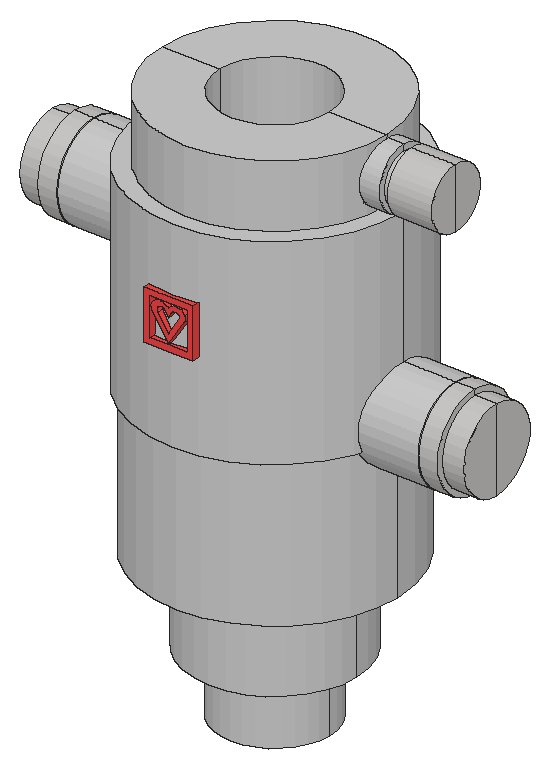
Revit family "HERZ System Seperator 0302", category Rohrzubehör, Revit 2019
Family settings
  Bemaßung runder Anschluss = Durchmesser verwenden
  Teiletyp = Unterbricht
  OmniClass-Nummer = 23.65.55.14
  OmniClass-Titel = Valves for Liquid Services
  Arbeitsebenenbasiert = Nein
  Immer vertikal = Ja
  Beim Laden mit Abzugskörper schneiden = Nein
  Gemeinsam genutzt = Nein
Parameters (values of type "DN15 (3/4"-3/4")")
  Model = "The system separator of type BA has been developed according to the standard DIN EN 1717.\r\nAccording to this standard, the water quality is divided up into 5 classes depending on the degree of contamination.\r\nSystem separators of type BA provide protection against non-drinking water up to hazard class 4.\r\nThis is the highest hazard class that may be safeguarded with a valve.\r\nSystem separator complete with safety screw to prevent manipulation, screen against contaminant ingress.\r\nThis filter disc must be inserted correctly in the fitting, so that it is possible to guarantee the function.\r\nSet the seal on top.\r\nThe installation of a dirt trap upstream of the system separator helps to guarantee constant and faultless function.\r\nIt is only possible to fit the system separator vertically.\r\nThe Herz system separator is frost-proof."
  Max. permissible temperature (short-term) = 80 °C  # constant formula
  Max. operating temperature = 65 °C  # constant formula
  Max. operating pressure = 1000000.0 Pa  # constant formula
  URL = "www.herzvalves.com"
  System separator cartridge = "high quality, lime-repellent plastic."  # constant formula
  SCTWSEQ = "AW;SBT_TYP_AW=\"104\";2"
  SCTWCODE = "04;12;02"  # constant formula
  S03 = 29.00 mm  # constant formula
  S02 = 53.00 mm  # constant formula
  S01 = 13.00 mm  # constant formula
  NennweiteEin [instance] = if([20_20], 20.00 mm, if([25_20], 25.00 mm, if([25_25], 25.00 mm, 0.00 mm)))  # 20.00 mm
  NennweiteAus [instance] = if([20_20], 20.00 mm, if([25_20], 20.00 mm, if([25_25], 25.00 mm, 0.00 mm)))  # 20.00 mm
  Medium = "water (without steam)"  # constant formula
  LO01 = 70.00 mm  # constant formula
  Installation position = "vertical"  # constant formula
  IG (ein) [instance] = NennweiteEin / 2  # 10.00 mm
  Note = "Pursuant to Article 33 of the REACH Regulation (EC No. 1907/2006), we are obliged to point out that the material lead is listed on the SVHC list and that all brass components manufactured in our products exceed 0.1% (w / w) lead (CAS: 7439-92-1 / EINECS: 231-100-4).\r\nSince lead is a component part of an alloy, actual exposure is not possible and therefore no additional information on safe use is necessary."
  Hersteller = "HERZ Armaturen Ges.m.b.H."  # constant formula
  H09 = 7.50 mm  # constant formula
  H08 = 24.50 mm  # constant formula
  H07 = 8.50 mm  # constant formula
  H06 = 57.50 mm  # constant formula
  H05 = 6.00 mm  # constant formula
  H04 = 11.50 mm  # constant formula
  H03 = 54.00 mm  # constant formula
  H02 = 27.00 mm  # constant formula
  H01 = 102.00 mm  # constant formula
  GT (IG) [instance] = if([20_20], 11.30 mm, if([25_20], 12.50 mm, if([25_25], 12.50 mm, 0.00 mm)))  # 11.30 mm
  GT (AG) [instance] = if([20_20], 11.30 mm, if([25_20], 12.50 mm, if([25_25], 12.50 mm, 0.00 mm)))  # 11.30 mm
  Seals = "EPDM"  # constant formula
  D10 = 4.00 mm  # constant formula
  D09 = 40.50 mm  # constant formula
  D08 = 4.50 mm  # constant formula
  D07 = 5.50 mm  # constant formula
  D06 = 33.00 mm  # constant formula
  D05 [instance] = (NennweiteEin / 2) + 1.00 mm  # 11.00 mm
  D04 = 15.00 mm  # constant formula
  D03 = 22.50 mm  # constant formula
  D02 = 23.50 mm  # constant formula
  D01 = 20.50 mm  # constant formula
  Body = "pressed brass (CW617N), chrome-plated."  # constant formula
  Part number = if([20_20], "I030202", if([25_20], "I030203", if([25_25], "I030213", "0")))  # "I030202"
  Application = "The system separator is designed for retrospective mounting on a take-off fitting with hose connection.\r\nThanks to its compact design, this system separator bridges gaps in all areas where a connection with the waste water is required."
  AG (aus) [instance] = NennweiteAus / 2  # 10.00 mm
  25_25 = no
  25_20 = no
  20_20 = yes
Types (4, lengths in mm): name | NennweiteEin | NennweiteAus | IG (ein) | GT (IG) | GT (AG) | D05 | Part number | AG (aus) | 25_25 | 25_20 | 20_20
  (no name) | 20.00 | 20.00 | 10.00 | 11.30 | 11.30 | 11.00 | "I030202" | 10.00 | no | no | yes
  DN15 (3/4"-3/4") | 20.00 | 20.00 | 10.00 | 11.30 | 11.30 | 11.00 | "I030202" | 10.00 | no | no | yes
  DN20 (1"-3/4") | 25.00 | 20.00 | 12.50 | 12.50 | 12.50 | 13.50 | "I030203" | 10.00 | no | yes | no
  DN20 (1"-1") | 25.00 | 25.00 | 12.50 | 12.50 | 12.50 | 13.50 | "I030213" | 12.50 | yes | no | no
Reference planes
  plane 1 "Mitte (Vorne/hinten)": y = 0
  plane 2: z = 0
  plane 3 "Mitte (Links/rechts)": x = 0
Forms (mm)
  Revolve 1, solid, material "Messing, vernickelt", detail levels fine
    sketch origin (0, 0, 0) x (1, 0, 0) y (0, 0, 1)
      loop
        line (0, 0) -> (0, 90.7) -> (-10, 90.7) -> (-10, 102) -> (-20.5, 102) -> (-20.5, 90.5) -> (-23.5, 90.5) -> (-23.5, 54) -> (-22.5, 54) -> (-22.5, 27) -> (-15, 27) -> (-15, 11.3) -> (-10, 11.3) -> (-10, 0) -> (0, 0)
      axis (0, 102) -> (0, 0)
    angle from 0 to 360
  Revolve 2, solid, material "Messing, vernickelt", detail levels fine
    sketch origin (0, 0, 0) x (1, 0, 0) y (0, 0, 1)
      loop
        line (11, 101.5) -> (11, 96) -> (23.5, 96) -> (23.5, 101.5) -> (11, 101.5)
      axis (11, 96) -> (23.5, 96)
    angle from 0 to 360
  Revolve 3, solid, material "Messing, vernickelt", detail levels fine
    sketch origin (0, 0, 0) x (1, 0, 0) y (0, 0, 1)
      loop
        line (0, 66) -> (0, 57.5) -> (33, 57.5) -> (33, 66) -> (0, 66)
      axis (33, 57.5) -> (0, 57.5)
    angle from 0 to 360
  Revolve 4, solid, material "Messing, vernickelt", detail levels fine
    sketch origin (0, 0, 0) x (1, 0, 0) y (0, 0, 1)
      loop
        line (0, 77.5) -> (0, 86) -> (-33, 86) -> (-33, 77.5) -> (0, 77.5)
      axis (-33, 77.5) -> (0, 77.5)
    angle from 0 to 360
  Revolve 5, solid, material "Edelstahl", detail levels fine
    sketch origin (0, 0, 0) x (1, 0, 0) y (0, 0, 1)
      loop
        line (23.5, 96) -> (33, 96) -> (33, 101.5) -> (25, 101.5) -> (25, 100.5) -> (23.5, 100.5) -> (23.5, 96)
      axis (23.5, 96) -> (33, 96)
    angle from 0 to 360
  Revolve 6, solid, material "Edelstahl", detail levels fine
    sketch origin (0, 0, 0) x (1, 0, 0) y (0, 0, 1)
      loop
        line (33, 57.5) -> (40.5, 57.5) -> (40.5, 65) -> (36.5, 65) -> (36.5, 66) -> (33, 66) -> (33, 57.5)
      axis (33, 57.5) -> (40.5, 57.5)
    angle from 0 to 360
  Revolve 7, solid, material "Edelstahl", detail levels fine
    sketch origin (0, 0, 20) x (-1, 0, 0) y (0, 0, 1)
      loop
        line (33, 57.5) -> (40.5, 57.5) -> (40.5, 65) -> (36.5, 65) -> (36.5, 66) -> (33, 66) -> (33, 57.5)
      axis (33, 57.5) -> (40.5, 57.5)
    angle from 0 to 360
Lines and regions (mm)
  model lines, detail levels coarse+medium
    curve 1: line (-23.5, 0, 102) -> (23.5, 0, 102)
    curve 2: line (-23.5, 0, 0) -> (-23.5, 0, 102)
    curve 3: line (23.5, 0, 0) -> (-23.5, 0, 0)
    curve 4: line (23.5, 0, 102) -> (23.5, 0, 0)
    curve 5: line (-10.5, 0, 102) -> (-10.5, 0, 49)
    curve 6: line (-10.5, 0, 29) -> (-10.5, 0, 0)
    curve 7: line (10.5, 0, 102) -> (10.5, 0, 49)
    curve 8: line (10.5, 0, 29) -> (10.5, 0, 0)
    curve 9: line (0, 23.5, 102) -> (0, -23.5, 102)
    curve 10: line (0, 23.5, 0) -> (0, 23.5, 102)
    curve 11: line (0, -23.5, 0) -> (0, 23.5, 0)
    curve 12: line (0, -23.5, 102) -> (0, -23.5, 0)
    curve 13: line (0, 10.5, 102) -> (0, 10.5, 49)
    curve 14: line (0, 10.5, 29) -> (0, 10.5, 0)
    curve 15: line (0, -10.5, 102) -> (0, -10.5, 49)
    curve 16: line (0, -10.5, 29) -> (0, -10.5, 0)
Dimensions and locks
  "H01": Revolve 1 sketch curve to plane 2
  "IG (ein)": Revolve 1 sketch curve to plane 3 "Mitte (Links/rechts)"
  "AG (aus)": Revolve 1 sketch curve to plane 3 "Mitte (Links/rechts)"
  "GT (IG)": Revolve 1 sketch curve to Revolve 1 sketch curve
  "GT (AG)": Revolve 1 sketch curve to Revolve 1 sketch curve
  "D01": Revolve 1 sketch curve to plane 3 "Mitte (Links/rechts)"
  "D02": plane 3 "Mitte (Links/rechts)" to Revolve 1 sketch curve
  "D03": Revolve 1 sketch curve to plane 3 "Mitte (Links/rechts)"
  "D04": Revolve 1 sketch curve to plane 3 "Mitte (Links/rechts)"
  "H02": Revolve 1 sketch curve to plane 2
  "H03": Revolve 1 sketch curve to plane 2
  "H04": Revolve 1 sketch curve to Revolve 1 sketch curve
  "H05": Revolve 1 to Revolve 2 sketch curve
  "D02": Revolve 2 sketch curve to plane 3 "Mitte (Links/rechts)"
  "D05": Revolve 2 sketch curve to plane 3 "Mitte (Links/rechts)"
  "H06": Revolve 3 sketch curve to plane 2
  "H07": Revolve 3 sketch curve to Revolve 3 sketch curve
  "D06": Revolve 3 sketch curve to plane 3 "Mitte (Links/rechts)"
  "D06": plane 3 "Mitte (Links/rechts)" to Revolve 4 sketch curve
  "H07": Revolve 4 sketch curve to Revolve 4 sketch curve
  "H08": Revolve 1 to Revolve 4 sketch curve
  "D06": Revolve 5 sketch curve to plane 3 "Mitte (Links/rechts)"
  Revolve 5 sketch curve to Revolve 5 sketch curve = 1.50 mm
  "D02": Revolve 5 sketch curve to plane 3 "Mitte (Links/rechts)"
  "D07": Revolve 5 sketch curve to Revolve 5 sketch curve
  "H05": Revolve 1 to Revolve 5 sketch curve
  "D07": Revolve 2 sketch curve to Revolve 2 sketch curve
  "D08": Revolve 5 sketch curve to Revolve 5 sketch curve
  "D06": plane 3 "Mitte (Links/rechts)" to Revolve 6 sketch curve
  "D09": Revolve 6 sketch curve to plane 3 "Mitte (Links/rechts)"
  "D10": Revolve 6 sketch curve to Revolve 6 sketch curve
  "H07": Revolve 6 sketch curve to Revolve 6 sketch curve
  "H09": Revolve 6 sketch curve to Revolve 6 sketch curve
  "D10": Revolve 7 sketch curve to Revolve 7 sketch curve
  "H07": Revolve 7 sketch curve to Revolve 7 sketch curve
  "H09": Revolve 7 sketch curve to Revolve 7 sketch curve
  "H08": Revolve 1 to Revolve 7 sketch curve
  "D06": plane 3 "Mitte (Links/rechts)" to Revolve 7 sketch curve
  "D09": plane 3 "Mitte (Links/rechts)" to Revolve 7 sketch curve
  "D02": nested 1 to plane 1 "Mitte (Vorne/hinten)"
  "LO01": nested 1 to plane 2
  "H01": curve 1 to plane 2
  "D02": curve 4 to plane 3 "Mitte (Links/rechts)" to curve 2
  "S01": curve 2 to curve 5
  "S01": curve 7 to curve 4
  "S01": curve 6 to curve 2
  "S01": curve 8 to curve 4
  "S02": curve 1 to curve 7
  "S02": curve 1 to curve 5
  "S03": curve 8 to curve 3
  "S03": curve 6 to curve 3
  "H01": curve 9 to plane 2
  "S03": curve 16 to plane 2
  "S02": curve 15 to curve 9
  "S01": curve 15 to curve 12
  "S01": curve 10 to curve 13
  "D02": curve 10 to plane 1 "Mitte (Vorne/hinten)" to curve 12
  "S01": curve 10 to curve 14
  "S01": curve 16 to curve 12
  "S03": curve 14 to plane 2
  "S02": curve 13 to curve 9
  aligned and locked: level to plane 2
Automatic sketch dimensions
  curve 16 to level = 0.00 mm
  curve 8 to level = 0.00 mm
  Revolve 1 sketch curve to plane 3 "Mitte (Links/rechts)" = 0.00 mm  (x2)
  Revolve 1 sketch curve to level = 0.00 mm
  Revolve 1 sketch curve to level = 366.045 mm
  Revolve 1 sketch curve to Revolve 1 sketch curve = 2112.315 mm
  Revolve 2 sketch curve to Revolve 2 sketch curve = 0.00 mm  (x3)
  Revolve 3 sketch curve to plane 3 "Mitte (Links/rechts)" = 0.00 mm  (x2)
  Revolve 3 sketch curve to Revolve 3 sketch curve = 0.00 mm  (x2)
  Revolve 4 sketch curve to plane 3 "Mitte (Links/rechts)" = 0.00 mm  (x2)
  Revolve 4 sketch curve to Revolve 4 sketch curve = 0.00 mm  (x2)
  Revolve 5 sketch curve to Revolve 5 sketch curve = 0.00 mm  (x3)
  level to Revolve 6 sketch curve = 57.50 mm
  Revolve 6 sketch curve to Revolve 6 sketch curve = 0.00 mm  (x3)
  Revolve 7 sketch curve to Revolve 7 sketch curve = 0.00 mm  (x3)
Nested families
  nested 1: "Herz-Logo-vorne" at (0, -23.5, 74.5) x (0, 1, 0) z (0, 0, 1), type "Herz-Logo-vorne", detail levels fine
Connectors
  piping at (0, 0, 90.7), diameter 20, driven by "NennweiteEin"
    settings: on Revolve 1, index 1, connector inside diameter 609.6 mm, connector length 0.00 mm, flow factor 0, pipe flow 0.0 L/s, pressure drop 0.0 Pa, fitting loss kfactor 0, connector angle 0.00°, fixture units 0, engagement length 0.00 mm, angle of deflection 0.00°, flow configuration 0, flow direction 1, fitting loss method 0, system type 29, joint type 0, gender type 0, connector reference index -1, connector utility 0, adjustable connector no, is connector primary yes, connector description ""
  piping at (0, 0, 0), diameter 20, driven by "NennweiteAus"
    settings: on Revolve 1, index 2, connector inside diameter 609.6 mm, connector length 0.00 mm, flow factor 0, pipe flow 0.0 L/s, pressure drop 0.0 Pa, fitting loss kfactor 0, connector angle 0.00°, fixture units 0, engagement length 0.00 mm, angle of deflection 0.00°, flow configuration 0, flow direction 2, fitting loss method 0, system type 29, joint type 0, gender type 0, connector reference index -1, connector utility 0, adjustable connector no, is connector primary no, connector description ""
Definition of nested family "Herz-Logo-vorne"
  Reference planes
    plane 1 "Mitte (Vorne/hinten)": y = 0
    plane 2: z = 0
    plane 3 "Mitte (Links/rechts)": x = 0
  Forms (mm)
    Extrusion 1, solid
      sketch origin (0.732, -0.018, 0.017) x (0, -1, 0) y (0, 0, 1)
        loop
          line (-0.018, -4.517) -> (4.482, -4.517) -> (4.482, 4.483) -> (-4.518, 4.483) -> (-4.518, -4.517) -> (-0.018, -4.517)
        loop
          line (-0.05, -3.48) -> (3.482, -3.48) -> (3.482, 3.483) -> (-3.518, 3.483) -> (-3.518, -3.48) -> (-0.05, -3.48)
        loop
          arc (-0.018, 2.383) -> (-1.543, 3.287) -> (-3.067, 2.383) r 1.738
          arc (-3.067, 2.383) -> (-3.191, 1.899) -> (-3.067, 1.415) r 1.009
          line (-3.067, 1.415) -> (-0.018, -3.281) -> (3.032, 1.415)
          arc (3.032, 1.415) -> (3.156, 1.899) -> (3.032, 2.383) r 1.009
          arc (3.032, 2.383) -> (1.507, 3.287) -> (-0.018, 2.383) r 1.738
        loop
          arc (1.885, 1.272) -> (2.005, 1.675) -> (1.885, 2.079) r 0.74
          arc (1.885, 2.079) -> (1.265, 2.416) -> (0.644, 2.079) r 0.74
          line (0.644, 2.079) -> (-0.018, 0.97) -> (-0.679, 2.079)
          arc (-0.679, 2.079) -> (-1.3, 2.416) -> (-1.921, 2.079) r 0.74
          arc (-1.921, 2.079) -> (-2.04, 1.675) -> (-1.921, 1.272) r 0.74
          line (-1.921, 1.272) -> (-0.018, -1.658) -> (1.885, 1.272)
      from 0 to 1.5
  Dimensions and locks
    aligned and locked: level to plane 2
